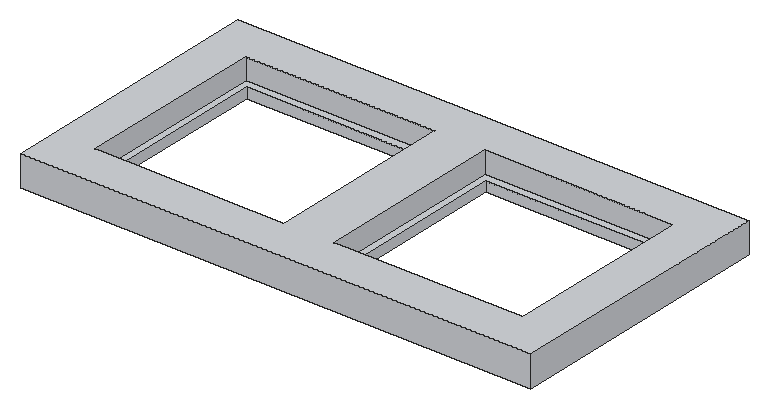
Revit family "Gira_021225", category Electrical Fixtures, host Face, Revit 2017
Family settings
  Host = Face
  Maintain Annotation Orientation = No
  Round Connector Dimension = Use Diameter
  Part Type = Normal
  Cut with Voids When Loaded = No
  Shared = No
  Room Calculation Point = No
Parameters (values of type "Abdeckrahmen 2f Gira E2 F Alu")
  Werkstoffgüte = "Thermoplast"
  Werkstoff = "Kunststoff"
  URL = "http://katalog.gira.de/de_DE/datenblatt.html?artikelnr=021225"
  Transparent = "No"
  Textfeld/Beschriftungsfläche = "No"
  Schutzart (IP) = "IP20"
  Region = "DE"
  Oberfläche = "sonstige"
  Name = "Abdeckrahmen 2f Gira E2 F Alu"
  Montagerichtung = "horizontal und vertikal"
  Mit Montagerahmen = "No"
  Mit Klappdeckel = "No"
  Manufacturer URL = "https://www.gira.de/"
  Keynote = "E2_Rahmen_2fach"
  HeinzeBIM = "https://bimportal.heinze.de/bim/abdeckrahmen-2f-gira-e2-f-alu/46656b9549b2419150eaa97912848d088ae158aa"
  Halogenfrei = "Yes"
  HAN = "021225"
  Geeignet für Unterputz-Installation = "Yes"
  Geeignet für Unterflurkanaldose = "No"
  Geeignet für Geräteeinbaukanal = "No"
  Geeignet für Einbauinstallation = "No"
  GTIN = "4010337212256"
  Farbe = "aluminium"
  Default Elevation = 1219.2 mm
  Data sheet (1) = "https://katalog.gira.de/de_DE/download.html?artikelnr=021225"
  Category = "Abdeckrahmen"
  Befestigungsart = "Klemmbefestigung"
  Available = "Yes"
  Anzahl der Einheiten vertikal = "2 "
  Anzahl der Einheiten horizontal = "2 "
  Anzahl der Einheiten = "2 "
Reference planes
  plane 1 "Center (Front/Back)": y = 0
  plane 2: z = 0
  plane 3 "Center (Left/Right)": x = 0
Forms (mm)
  Extrusion 1, solid, detail levels fine
    sketch origin (0, 0, 0) x (1, 0, 0) y (0, 1, 0)
      loop
        line (75.95, 40.4) -> (-75.95, 40.4) -> (-75.95, -40.4) -> (75.95, -40.4) -> (75.95, 40.4)
      loop
        line (-63.702, 28.152) -> (-63.702, -28.152) -> (-7.398, -28.152) -> (-7.398, 28.152) -> (-63.702, 28.152)
      loop
        line (7.398, 28.152) -> (7.398, -28.152) -> (63.702, -28.152) -> (63.702, 28.152) -> (7.398, 28.152)
    from 0 to 9.3
  Extrusion 2, solid, detail levels fine
    sketch origin (-35.55, 0, 0) x (1, 0, 0) y (0, 1, 0)
      loop
        line (-28.152, -28.152) -> (28.152, -28.152) -> (28.152, 28.152) -> (-28.152, 28.152) -> (-28.152, -28.152)
      loop
        line (25.9, -25.7) -> (25.9, 25.7) -> (-25.9, 25.7) -> (-25.9, -25.7) -> (25.9, -25.7)
    from 0 to 3
  Extrusion 3, solid, detail levels coarse+medium
    sketch origin (0, 0, 0) x (1, 0, 0) y (0, 1, 0)
      loop
        line (75.95, 40.4) -> (-75.95, 40.4) -> (-75.95, -40.4) -> (75.95, -40.4) -> (75.95, 40.4)
    from 0 to 9.3
  Extrusion 4, solid, detail levels fine
    sketch origin (35.55, -0.047, 0) x (1, 0, 0) y (0, 1, 0)
      loop
        line (-28.152, -28.106) -> (28.152, -28.106) -> (28.152, 28.199) -> (-28.152, 28.199) -> (-28.152, -28.106)
      loop
        line (25.9, -25.653) -> (25.9, 25.747) -> (-25.9, 25.747) -> (-25.9, -25.653) -> (25.9, -25.653)
    from 0 to 3
Dimensions and locks
  aligned and locked: plane 2 to host face
  aligned and locked: level to host face
